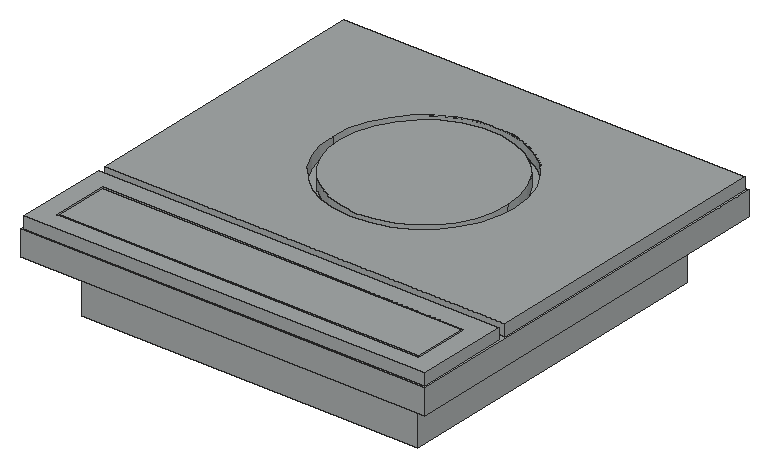
Revit family "Gira_5565926", category Electrical Fixtures, host Face, Revit 2017
Family settings
  Host = Face
  Maintain Annotation Orientation = Yes
  Round Connector Dimension = Use Diameter
  Part Type = Normal
  Cut with Voids When Loaded = No
  Shared = No
  Room Calculation Point = No
Parameters (values of type "Türstationsmodul System 106 Aluminium")
  URL = "http://katalog.gira.de/de_DE/datenblatt.html?artikelnr=5565926"
  Region = "DE"
  Name = "Türstationsmodul System 106 Aluminium"
  Model = "Sys106_Abdeckung_Schalten und Tasten"
  Manufacturer URL = "https://www.gira.de/"
  Installationstechnik = "Bus-System"
  Höhe = "0,1065 m"
  HeinzeBIM = "https://bimportal.heinze.de/bim/tuerstationsmodul-system-106-aluminium/a0bb4cf9113a3b990af83d74d7fb6c0700222371"
  HAN = "5565926"
  GTIN = "4010337022473"
  Farbe = "silber"
  Edelstahl [instance] = Edelstahl
  Default Elevation = 1219.2 mm
  Data sheet (1) = "https://katalog.gira.de/de_DE/download.html?artikelnr=5565926"
  Category = "Funktionsmodul für Türkommunikation"
  Breite = "0,1065 m"
  Available = "Yes"
  Anzahl der Klingeltasten = "1 "
Reference planes
  plane 1 "Center (Front/Back)": y = 0
  plane 2 "Reference Level 0": z = 0
  plane 3 "Center (Left/Right)": x = 0
  plane 4 "Reference Level 1": z = 9.5
Forms (mm)
  Extrusion 1, solid, material "Edelstahl" <- "Edelstahl", detail levels coarse
    sketch origin (0, 0, 0) x (1, 0, 0) y (0, 1, 0)
      loop
        line (-53, 53) -> (-53, -53) -> (53, -53) -> (53, 53) -> (-53, 53)
    from -14.7 to 9.5
  Extrusion 2, solid, material "Edelstahl" <- "Edelstahl", detail levels fine
    sketch origin (0, 0, 0) x (1, 0, 0) y (0, 1, 0)
      loop
        line (52.5, -28) -> (-52.5, -28) -> (-52.5, -52.5) -> (52.5, -52.5) -> (52.5, -28)
      loop
        line (-47.5, -48) -> (47.5, -48) -> (47.5, -33) -> (-47.5, -33) -> (-47.5, -48)
    from 6.5 to 9.5
  Extrusion 3, solid, material "Edelstahl" <- "Edelstahl", detail levels fine
    sketch origin (0, 0, 0) x (1, 0, 0) y (0, 1, 0)
      loop
        line (-52.5, 52.5) -> (-52.5, -26) -> (52.5, -26) -> (52.5, 52.5) -> (-52.5, 52.5)
      loop
        circle (0, 13) r 24
    from 6.5 to 9.5
  Extrusion 4, solid, material "Edelstahl" <- "Edelstahl", detail levels medium+fine
    sketch origin (0, 0, 0) x (1, 0, 0) y (0, 1, 0)
      loop
        line (-53, 53) -> (-53, -53) -> (53, -53) -> (53, 53) -> (-53, 53)
    from 0 to 6.5
  Extrusion 5, solid, material "Edelstahl" <- "Edelstahl", detail levels fine
    sketch origin (0, 0, 0) x (1, 0, 0) y (0, 1, 0)
      loop
        line (-44, 44) -> (-44, -44) -> (44, -44) -> (44, 44) -> (-44, 44)
    from -14.7 to 0
  Extrusion 6, solid, material "Edelstahl" <- "Edelstahl", detail levels fine
    sketch origin (0, 0, 0) x (1, 0, 0) y (0, 1, 0)
      loop
        circle (0, 13) r 22
    from 6.5 to 9.5
  Extrusion 7, solid, material "Edelstahl" <- "Edelstahl", detail levels fine
    sketch origin (0, 0, 0) x (1, 0, 0) y (0, 1, 0)
      loop
        line (-47, -33.5) -> (-47, -47.5) -> (47, -47.5) -> (47, -33.5) -> (-47, -33.5)
    from 6.5 to 9.5
  Extrusion 8, solid, material "Edelstahl" <- "Edelstahl", detail levels medium
    sketch origin (0, 0, 0) x (1, 0, 0) y (0, 1, 0)
      loop
        line (-52.5, 52.5) -> (-52.5, -26) -> (52.5, -26) -> (52.5, 52.5) -> (-52.5, 52.5)
      loop
        line (-52.5, -28) -> (-52.5, -52.5) -> (52.5, -52.5) -> (52.5, -28) -> (-52.5, -28)
    from 6.5 to 9.5
  Extrusion 9, solid, material "Edelstahl" <- "Edelstahl", detail levels medium
    sketch origin (0, 0, 0) x (1, 0, 0) y (0, 1, 0)
      loop
        circle (0, 13) r 24
      loop
        line (-47.5, -33) -> (-47.5, -48) -> (47.5, -48) -> (47.5, -33) -> (-47.5, -33)
    from 6.5 to 9.5
Dimensions and locks
  aligned and locked: plane 2 "Reference Level 0" to host face
  aligned and locked: level to host face
  aligned and locked: Extrusion 4 to host face
  aligned and locked: Extrusion 4 to level
  aligned and locked: level to Extrusion 5
  aligned and locked: level to Extrusion 4
  aligned and locked: Extrusion 4 to plane 2 "Reference Level 0"
  aligned and locked: plane 2 "Reference Level 0" to Extrusion 5
  aligned and locked: plane 3 "Center (Left/Right)" to nested 1
  aligned and locked: plane 1 "Center (Front/Back)" to nested 1
Nested families
  nested 1: "Schalter" at (0, 0, 0), type "Schalter"
Connectors
  electrical at (0, 0, -14.7)
    settings: on Extrusion 5, index 1, voltage 220 V, apparent load 0 VA, apparent load phase1 0 VA, apparent load phase2 0 VA, apparent load phase3 0 VA, power factor 1, load classification "Other", number of poles 1, system type 30, power factor state 1, is connector primary yes, connector utility no, sub classification motor no, connector description ""
Definition of nested family "Schalter"
  Reference planes
    plane 1: y = 0
    plane 2: x = 0
  Lines and regions (mm)
    detail lines
      curve 1: circle (1.375, 2.778, 0) r 0.8 normal (0, 0, 1)
      curve 2: line (1.021, 2.061, 0) -> (0, 0, 0)
      curve 3: line (0, 0, 0) -> (-0.538, 0.266, 0)
  Dimensions and locks
    curve 2 to curve 2 = 2.3 mm
    curve 3 to curve 2 = 0.6 mm
    radius of curve 1 = 0.8 mm
